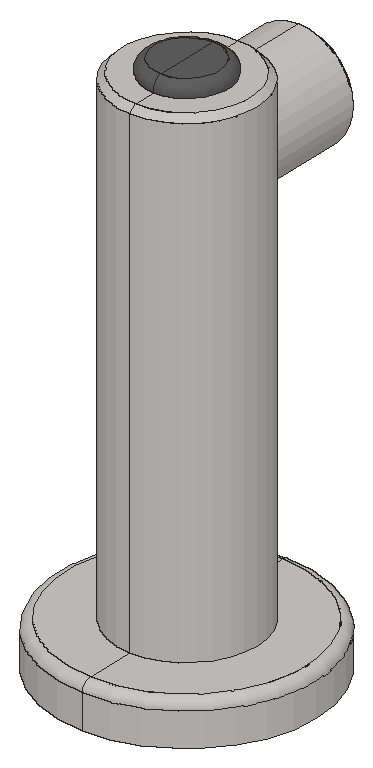
Revit family "Coat_Hook-Bobrick-Fino_Collection-B-9541", category Specialty Equipment, host Face, Revit 2019
Family settings
  Host = Face
  Round Connector Dimension = Use Diameter
  Part Type = Normal
  OmniClass Number = 23.40.20.21.31
  OmniClass Title = Robe Hooks
  Cut with Voids When Loaded = No
  Shared = Yes
  Room Calculation Point = No
Parameters (values of type "B-9541")
  Warranty Information = "5-Year Limited Warranty"
  URL = "https://www.bobrick.com/"
  Type Comments = ""
  Post Diameter = 3/4"
  Mounting Height From Floor Constrain [instance] = if(ADA Compliant, if(Mounting Height From Floor < 38", 38", if(Mounting Height From Floor > 48", 48", Mounting Height From Floor)), Mounting Height From Floor)  # 38"
  Mounting Height From Floor [instance] = 38"
  Model = "B-9541"
  Material = "Stainless_Steel-Bobrick-Type_303-Satin_Finish"
  Manufacturer = "Bobrick"
  Load Capacity = "150lbs. (68kg.)"  # constant formula
  Length = 3 1/16"
  Installation Type = "Wall Mounted"
  Hook Pin Diameter = 5/8"
  Flange Cover Thickness = 1/16"
  Flange Cover Diameter = 1 5/16"
  Finish = Stainless_Steel-Bobrick-Type_303-Satin_Finish
  Description = "Fino Collection coat hook with bumper"
  Default Elevation = 0"
  Creation Date = "09/26/2023"  # constant formula
  Bumper Diameter = 9/16"
  Bumper Depth = 3/16"
  Assembly Code = "C1030200"
  ADA Compliant = yes
Reference planes (in)
  plane 1 "Center (Front/Back)": y = 0
  plane 2: z = 0
  plane 3 "Center (Left/Right)": x = 0
  plane 4: z = 3.0625
  plane 5: z = 0.25
  plane 6: y = -0.75
  plane 7: y = 0.75
  plane 8: y = -0.40625
  plane 9: y = 0.40625
  plane 10: y = 0.84375
  plane 11: z = 2.96065
  plane 12: z = 2.33565
  plane 13: z = 2.64815
  plane 14 "Floor LVL": y = -37.25
Forms (in)
  Revolve 1, solid, material "Stainless_Steel-Bobrick-Type_303-Satin_Finish" <- "Finish"
    sketch origin (0, 42.4262, 0) x (0, -1, 0) y (0, 0, -1)
      loop
        line (43.1762, 0) -> (42.4262, 0) -> (42.4262, -3.13538) -> (42.61332, -3.13538)
        arc (42.61332, -3.13538) -> (42.6551, -3.11032) -> (42.66435, -3.0625) r 0.05976
        line (42.66435, -3.0625) -> (42.79596, -3.0625) -> (42.83245, -3.02601) -> (42.83245, -0.25) -> (43.11929, -0.25)
        arc (43.11929, -0.25) -> (43.15953, -0.23333) -> (43.1762, -0.19309) r 0.05691
        line (43.1762, -0.19309) -> (43.1762, 0)
      axis (42.4262, -3.13538) -> (42.4262, 0)
    angle from 0 to 360
  Revolve 2, solid, material "Stainless_Steel-Bobrick-Type_303-Satin_Finish" <- "Finish"
    sketch origin (0, 42.4262, 0) x (0, -1, 0) y (0, 0, -1)
      loop
        line (42.4262, -2.64815) -> (41.58245, -2.64815) -> (41.58245, -2.91879) -> (41.6243, -2.96065) -> (42.4262, -2.96065) -> (42.4262, -2.64815)
      axis (41.58245, -2.64815) -> (42.4262, -2.64815)
    angle from 0 to 360
  Extrusion 3, void
    sketch origin (23.96867, 11.9375, 0) x (1, 0, 0) y (0, 0, -1)
      loop
        circle (-23.96867, -0.79803) r 0.25
    from -11.09375 to -11.6342
Cuts and joins
  Extrusion 3 cuts Revolve 1
Lines and regions (in)
  Masking region 1
    outline origin (23.96867, 11.9375, 0) x (1, 0, 0) y (0, 0, -1)
      loop
        line (-23.21867, 0) -> (-23.96867, 0) -> (-24.71867, 0) -> (-24.71867, -0.19111)
        arc (-24.71867, -0.19111) -> (-24.70143, -0.23275) -> (-24.65978, -0.25) r 0.05889
        line (-24.65978, -0.25) -> (-24.3751, -0.25) -> (-24.3751, -3.02601) -> (-24.33861, -3.0625) -> (-24.20682, -3.0625)
        arc (-24.20682, -3.0625) -> (-24.19695, -3.11011) -> (-24.15541, -3.13538) r 0.06101
        line (-24.15541, -3.13538) -> (-23.96867, -3.13538) -> (-23.78194, -3.13538)
        arc (-23.78194, -3.13538) -> (-23.7404, -3.11011) -> (-23.73052, -3.0625) r 0.06101
        line (-23.73052, -3.0625) -> (-23.59874, -3.0625) -> (-23.56225, -3.02601) -> (-23.56225, -0.25) -> (-23.27757, -0.25)
        arc (-23.27757, -0.25) -> (-23.23592, -0.23275) -> (-23.21867, -0.19111) r 0.05889
        line (-23.21867, -0.19111) -> (-23.21867, 0)
  symbolic lines, detail levels medium+fine
    curve 1: circle (0, 11.9375, 0.79803) r 0.25 normal (0, 1, 0)
    curve 2: circle (0, 11.9375, 2.64815) r 0.3125 normal (0, -1, 0)
    curve 5: line (-0.23815, 11.9375, 3.0625) -> (0.23815, 11.9375, 3.0625)
    curve 6: line (0.40643, 11.9375, 0.25) -> (-0.40643, 11.9375, 0.25)
  symbolic lines, detail levels fine
    curve 3: circle (0, 11.9375, 2.64815) r 0.27065 normal (0, 1, 0)
    curve 4: line (0.40625, 11.9375, 3.02601) -> (-0.40625, 11.9375, 3.02601)
Dimensions and locks (in)
  "Length": plane 4 to host face
  plane 5 to host face = 1/4"
  plane 6 to plane 7 = 1 1/2"
  plane 8 to plane 9 = 13/16"
  equal spacing: plane 8, plane 1 "Center (Front/Back)", plane 9
  plane 8 to plane 10 = 1 1/4"
  "Hook Pin Diameter": plane 12 to plane 11
  equal spacing: plane 11, plane 13, plane 12
  Revolve 1 sketch curve to Revolve 1 sketch curve = 0.0516"
  "Mounting Height From Floor Constrain": plane 14 "Floor LVL" to plane 7
  aligned and locked: plane 2 to host face
  aligned and locked: level to host face
  aligned and locked: plane 1 "Center (Front/Back)" to Revolve 1 sketch curve
  aligned and locked: Revolve 2 sketch curve to plane 13
  aligned and locked: plane 10 to Extrusion 3
Automatic sketch dimensions
  host sketch curve to host sketch curve = 96"
  host sketch curve to host sketch curve = 118"
  Revolve 1 sketch curve to Revolve 1 sketch curve = 0"
  Revolve 1 sketch curve to Revolve 1 sketch curve = 0.17994"
  Revolve 1 sketch curve to Revolve 1 sketch curve = 0.05821"
  Revolve 1 sketch curve to Revolve 1 sketch curve = 0.13161"
  Revolve 1 sketch curve to Revolve 1 sketch curve = 0.28684"
  Revolve 1 sketch curve to Revolve 1 sketch curve = 0.05691"
  Revolve 1 sketch curve to Revolve 1 sketch curve = 0.01355"
  Revolve 1 sketch curve to Revolve 1 sketch curve = 0.05933"
  Revolve 1 sketch curve to Revolve 1 sketch curve = 0.03649"
  Revolve 1 sketch curve to Revolve 1 sketch curve = 4.17712"
  Revolve 1 sketch curve to Revolve 1 sketch curve = 2 11/16"
  Revolve 1 sketch curve to plane 4 = 0"
  Revolve 1 sketch curve to plane 5 = 0"
  Revolve 1 sketch curve to level = 0"
  Extrusion 3 sketch curve to plane 3 "Center (Left/Right)" = 0"
  plane 5 to Extrusion 3 sketch curve = 0.54803"
  Revolve 2 sketch curve to plane 10 = 0"
  Revolve 2 sketch curve to plane 11 = 0"
  Revolve 2 sketch curve to plane 1 "Center (Front/Back)" = 0"
  plane 13 to Revolve 2 sketch curve = 0"
  Revolve 2 sketch curve to plane 10 = 0.04185"
  Revolve 2 sketch curve to plane 11 = 0.04185"
  Revolve 2 sketch curve to Revolve 2 sketch curve = 0.39537"
  plane 1 "Center (Front/Back)" to Revolve 2 sketch curve = 0.05731"
  Masking region 1 sketch curve to level = 0"
  Masking region 1 sketch curve to plane 5 = 0"  (x2)
  Masking region 1 sketch curve to plane 4 = 0"  (x2)
  Masking region 1 sketch curve to plane 3 "Center (Left/Right)" = 0"  (x2)
  plane 4 to Masking region 1 sketch curve = 0.01244"  (x2)
  Masking region 1 sketch curve to plane 3 "Center (Left/Right)" = 0.17842"
  Masking region 1 sketch curve to Masking region 1 sketch curve = 0.00832"  (x2)
  Masking region 1 sketch curve to Masking region 1 sketch curve = 0.05973"
  Masking region 1 sketch curve to Masking region 1 sketch curve = 0.13179"  (x2)
  Masking region 1 sketch curve to plane 3 "Center (Left/Right)" = 0.40643"
  Masking region 1 sketch curve to Masking region 1 sketch curve = 0.28468"  (x2)
  Masking region 1 sketch curve to Masking region 1 sketch curve = 0.05889"
  plane 3 "Center (Left/Right)" to Masking region 1 sketch curve = 0.17842"
  plane 3 "Center (Left/Right)" to Masking region 1 sketch curve = 0.40643"
  Masking region 1 sketch curve to plane 5 = 0.05889"
  Masking region 1 sketch curve to plane 4 = 0.03649"  (x2)
  curve 2 to curve 3 = 0"  (x2)
  curve 6 to plane 5 = 0"
  curve 5 to plane 4 = 0"
  curve 2 to plane 3 "Center (Left/Right)" = 0"
  curve 1 to plane 3 "Center (Left/Right)" = 0"
  curve 3 to plane 13 = 0"
  plane 5 to curve 1 = 0.54803"
  curve 5 to plane 3 "Center (Left/Right)" = 0.23815"
  curve 4 to plane 4 = 0.03649"
  curve 4 to curve 5 = 0.1681"
  curve 6 to plane 3 "Center (Left/Right)" = 0.40643"
  plane 3 "Center (Left/Right)" to curve 5 = 0.23815"
  curve 5 to curve 4 = 0.1681"
  plane 3 "Center (Left/Right)" to curve 6 = 0.40643"
  radius of Extrusion 3 sketch curve = 1/4"
  radius of curve 1 = 1/4"
  radius of curve 2 = 5/16"
  radius of curve 3 = 0.27065"
